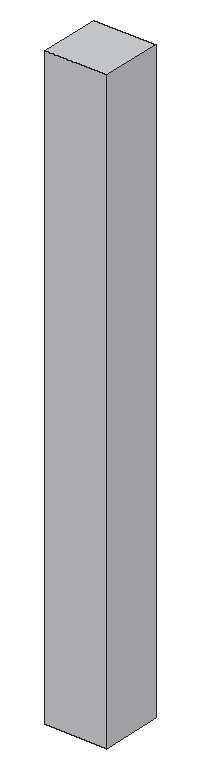
Revit family "Column", category Structural Columns, Revit 2026
Family settings
  Display in Hidden Views = Edges Hidden by Other Members
  Section Shape = Not Defined
  Material for Model Behavior = Concrete
  Always export as geometry = No
  Beam cutback in plan = From bounding box
  Classification Number = 23.25.30.11.14.11
  Cut with Voids When Loaded = No
  Symbolic Representation = From Family
  Shared = No
  Show family pre-cut in plan views = Yes
Parameters (values of type "240x240")
  Structural Material [instance] = Concrete, Cast-in-Place - C35
  Height [instance] = 2450 mm
  Depth = 250 mm
  Width = 250 mm
Types (16, lengths in mm): name | Height | Depth | Width
  200x200 | 4000 | 200 | 200
  360x200 | 3500 | 200 | 360
  200x1090 | 4000 | 200 | 1090
  200x760 | 3500 | 200 | 760
  200x380 | 3500 | 200 | 380
  200x300 | 4000 | 200 | 300
  200x580 | 4000 | 200 | 580
  200x640 | 4000 | 200 | 640
  250x250 | 4000 | 250 | 250
  330x360 | 4000 | 360 | 330
  200x360 | 4000 | 360 | 200
  200x240 | 5160 | 240 | 200
  240x240 | 2450 | 250 | 250
  200x200 L=3350 | 3350 | 200 | 200
  200x240 L=3500 | 3500 | 240 | 200
  200x240 L=1140 | 1140 | 240 | 200
Reference planes
  plane 1 "Center (Front/Back)": y = 0
  plane 2: z = 0
  plane 3 "Center (Left/Right)": x = 0
  plane 4 "Left": x = -250
  plane 5 "Right": x = 250
  plane 6 "Back": y = 250
  plane 7 "Front": y = -250
Forms (mm)
  Extrusion 1, solid
    sketch origin (25, -25, 0) x (1, 0, 0) y (0, 1, 0)
      loop
        line (-150, 150) -> (-150, -100) -> (100, -100) -> (100, 150) -> (-150, 150)
    from 0 to 2450
Dimensions and locks
  equal spacing: plane 4 "Left", plane 3 "Center (Left/Right)", plane 5 "Right"
  equal spacing: plane 7 "Front", plane 1 "Center (Front/Back)", plane 6 "Back"
  "Width": Extrusion 1 to Extrusion 1
  "Depth": Extrusion 1 to Extrusion 1
  "Height": Extrusion 1 to Extrusion 1
  aligned and locked: level to plane 2
Automatic sketch dimensions
  Extrusion 1 sketch curve to plane 3 "Center (Left/Right)" = 125 mm
  plane 3 "Center (Left/Right)" to Extrusion 1 sketch curve = 125 mm
  plane 1 "Center (Front/Back)" to Extrusion 1 sketch curve = 125 mm
  Extrusion 1 sketch curve to plane 1 "Center (Front/Back)" = 125 mm
